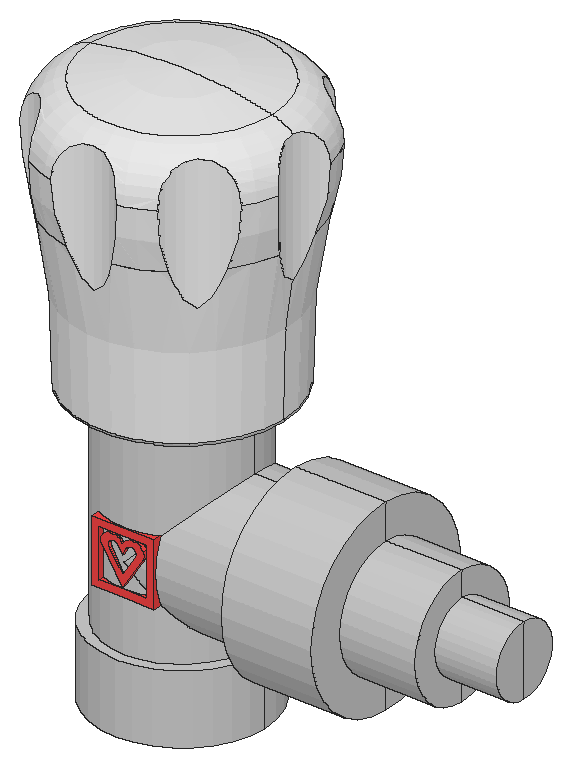
Revit family "Запорно-регулирующий радиаторный клапан GP, угловой 5524", category Rohrzubehör, Revit 2018
Family settings
  Bemaßung runder Anschluss = Durchmesser verwenden
  Teiletyp = Unterbricht
  OmniClass-Nummer = 23.65.55.14
  OmniClass-Titel = Valves for Liquid Services
  Arbeitsebenenbasiert = Nein
  Immer vertikal = Ja
  Beim Laden mit Abzugskörper schneiden = Nein
  Gemeinsam genutzt = Nein
Parameters
  Среда = "Качество воды в соответствии с ÖNORM H 5195 или директивой VDI 2035."
  Область применения = "Системы водяного отопления, в которых требуется точное ручное гидравлическое регулирование подачи воды к отопительным приборам. Рекомендуется также для монтажа в системах холодоснабжения, для точного ручного регулирования регистров охлаждения."
  Номер заказа [instance] = size_lookup("5524_", "Artnr", 0, Nennweite)  # 1552420
  Маховик = "Пластик, белый"  # constant formula
  Макс. рабочее давление = 1000000.0 Pa  # constant formula
  Макс. рабочая температура = 120 °C  # constant formula
  Корпус = "Никелированная латунь"  # constant formula
  Исполнение = "Универсальные модели со специальной муфтой для резьбовой трубы и компрессионных фитингов, никелированные."
  URL = "www.herz-armaturen.ru"
  SCRNSEQ = "ARM;ARM_TYP=\"ALLF\";2"
  SCRNCODE = "05;00;02"  # constant formula
  S04 = 45.000 mm  # constant formula
  S03 [instance] = H02 - 5.000 mm + 41.000 mm  # 60.000 mm
  S02 [instance] = L04 + L03 - L02  # 25.500 mm
  S01 = 10.000 mm  # constant formula
  Nennweite [instance] = 10.000 mm
  LO1 [instance] = R01 - 0.500 mm  # 10.000 mm
  L04 [instance] = size_lookup("5524_", "L4", 1.000 mm, Nennweite)  # 20.000 mm
  L03 [instance] = size_lookup("5524_", "L3", 1.000 mm, Nennweite)  # 13.000 mm
  L02 [instance] = size_lookup("5524_", "L2", 1.000 mm, Nennweite)  # 7.500 mm
  L01 [instance] = size_lookup("5524_", "L1", 1.000 mm, Nennweite)  # 24.000 mm
  Hersteller = "HERZ Armaturen Ges.m.b.H."  # constant formula
  H03 [instance] = size_lookup("5524_", "H3", 1.000 mm, Nennweite)  # 10.000 mm
  H02 [instance] = size_lookup("5524_", "H2", 1.000 mm, Nennweite)  # 24.000 mm
  H01 [instance] = size_lookup("5524_", "H1", 1.000 mm, Nennweite)  # 22.000 mm
  GT1 [instance] = size_lookup("5524_", "GT1", 1.000 mm, Nennweite)  # 9.000 mm
  GT [instance] = size_lookup("5524_", "GT", 1.000 mm, Nennweite)  # 9.500 mm
  G2 [instance] = Nennweite / 2  # 5.000 mm
  G1 [instance] = Nennweite / 2  # 5.000 mm
  R01 = 10.500 mm  # constant formula
  D05 [instance] = size_lookup("5524_", "D5", 1.000 mm, Nennweite)  # 8.500 mm
  D04 [instance] = size_lookup("5524_", "D4", 1.000 mm, Nennweite)  # 13.500 mm
  D03 [instance] = R01  # 10.500 mm
  D02 [instance] = size_lookup("5524_", "D2", 1.000 mm, Nennweite)  # 7.940 mm
  D01 [instance] = size_lookup("5524_", "D1", 1.000 mm, Nennweite)  # 12.000 mm
Reference planes
  plane 1 "Mitte (Vorne/hinten)": y = 0
  plane 2: z = 0
  plane 3 "Mitte (Links/rechts)": x = 0
Forms (mm)
  Revolve 1, solid, material "Messing, weicher Gelbton, geschweißt", detail levels fine
    sketch origin (0, 0, 0) x (1, 0, 0) y (0, 0, 1)
      loop
        line (0, 24) -> (-10.5, 24) -> (-10.5, -12) -> (-12, -12) -> (-12, -22) -> (-5, -22) -> (-5, -12.5) -> (0, -12.5) -> (0, 24)
      axis (0, 24) -> (0, -22)
    angle from 0 to 360
  Revolve 2, solid, material "Messing, weicher Gelbton, geschweißt", detail levels fine
    sketch origin (0, 0, 0) x (1, 0, 0) y (0, 0, 1)
      loop
        line (0, 0) -> (24, 0) -> (24, 7.94) -> (16.5, 7.94) -> (16.5, 10.5) -> (0, 10.5) -> (0, 0)
      axis (0, 0) -> (24, 0)
    angle from 0 to 360
  Revolve 3, solid, material "Messing, weicher Gelbton, geschweißt", detail levels fine
    sketch origin (-1, 0, 0) x (1, 0, 0) y (0, 0, 1)
      loop
        line (25, 0) -> (50.5, 0) -> (50.5, 5) -> (41.5, 5) -> (41.5, 8.5) -> (30.5, 8.5) -> (30.5, 13.5) -> (17.5, 13.5) -> (17.5, 7.94) -> (25, 7.94) -> (25, 0)
      axis (17.5, 0) -> (50.5, 0)
    angle from 0 to 360
Lines and regions (mm)
  model lines, detail levels coarse+medium
    curve 1: line (0, 0, 0) -> (12, 0, -22)
    curve 2: line (12, 0, -22) -> (-12, 0, -22)
    curve 3: line (-12, 0, -22) -> (0, 0, 0)
    curve 4: line (0, 0, 0) -> (24, 0, 13.5)
    curve 5: line (24, 0, 13.5) -> (24, 0, -13.5)
    curve 6: line (24, 0, -13.5) -> (0, 0, 0)
    curve 7: line (24, 0, 13.5) -> (34, 0, 13.5)
    curve 8: line (34, 0, 13.5) -> (24, 0, 0)
    curve 9: line (24, 0, -13.5) -> (34, 0, -13.5)
    curve 10: line (34, 0, -13.5) -> (24, 0, 0)
    curve 11: line (24, 0, 0) -> (49.5, 0, 0)
    curve 12: line (0, 0, 0) -> (0, 0, 60)
    curve 13: line (-22.5, 0, 60) -> (22.5, 0, 60)
    curve 14: line (0, 0, 0) -> (0, 60, 0)
    curve 15: line (-22.5, 60, 0) -> (22.5, 60, 0)
    curve 16: line (0, 0, 0) -> (12, -22, 0)
    curve 17: line (12, -22, 0) -> (-12, -22, 0)
    curve 18: line (-12, -22, 0) -> (0, 0, 0)
    curve 19: line (0, 0, 0) -> (24, 13.5, 0)
    curve 20: line (24, 13.5, 0) -> (24, -13.5, 0)
    curve 21: line (24, -13.5, 0) -> (0, 0, 0)
    curve 22: line (24, 13.5, 0) -> (34, 13.5, 0)
    curve 23: line (34, 13.5, 0) -> (24, 0, 0)
    curve 24: line (24, -13.5, 0) -> (34, -13.5, 0)
    curve 25: line (24, 0, 0) -> (34, -13.5, 0)
Dimensions and locks
  "H02": Revolve 1 sketch curve to plane 2
  "H01": plane 2 to Revolve 1 sketch curve
  "R01": Revolve 1 sketch curve to Revolve 1 sketch curve
  "G1": Revolve 1 sketch curve to Revolve 1 sketch curve
  "D01": Revolve 1 sketch curve to Revolve 1 sketch curve
  "GT": Revolve 1 sketch curve to Revolve 1 sketch curve
  "H03": Revolve 1 sketch curve to Revolve 1 sketch curve
  "D02": Revolve 2 sketch curve to Revolve 2 sketch curve
  "D03": Revolve 2 sketch curve to Revolve 2 sketch curve
  "L01": Revolve 2 sketch curve to Revolve 2 sketch curve
  "L02": Revolve 2 sketch curve to Revolve 2 sketch curve
  "H02": nested 1 to plane 2
  "LO1": nested 2 to plane 1 "Mitte (Vorne/hinten)"
  "L02": Revolve 3 sketch curve to Revolve 3 sketch curve
  "L03": Revolve 3 sketch curve to Revolve 3 sketch curve
  "L04": Revolve 3 sketch curve to Revolve 3 sketch curve
  "D04": Revolve 3 sketch curve to Revolve 3 sketch curve
  "G2": Revolve 3 sketch curve to Revolve 3 sketch curve
  "D05": Revolve 3 sketch curve to Revolve 3 sketch curve
  "GT1": Revolve 3 sketch curve to Revolve 3 sketch curve
  "L01": plane 3 "Mitte (Links/rechts)" to Revolve 3 sketch curve
  "D02": Revolve 3 sketch curve to plane 2
  "H01": plane 2 to curve 2
  "L01": curve 5 to plane 3 "Mitte (Links/rechts)"
  "D01": curve 2 to plane 3 "Mitte (Links/rechts)" to curve 3
  "D04": curve 5 to plane 2 to curve 6
  "S01": curve 5 to curve 8
  "S01": curve 5 to curve 10
  "S02": curve 11 to curve 11
  "S03": curve 12 to plane 2
  equal spacing: curve 13, curve 12, curve 13
  "S04": curve 13 to curve 13
  "S04": curve 15 to curve 15
  equal spacing: curve 15, curve 14, curve 15
  "S03": plane 1 "Mitte (Vorne/hinten)" to curve 14
  "H01": curve 17 to plane 1 "Mitte (Vorne/hinten)"
  "D01": curve 18 to plane 3 "Mitte (Links/rechts)" to curve 17
  "L01": plane 3 "Mitte (Links/rechts)" to curve 20
  "D04": curve 21 to plane 1 "Mitte (Vorne/hinten)" to curve 20
  "S01": curve 20 to curve 23
  "S01": curve 20 to curve 25
  aligned and locked: level to plane 2
Automatic sketch dimensions
  curve 12 to plane 3 "Mitte (Links/rechts)" = 0.000 mm
  curve 4 to level = 0.000 mm
  curve 10 to level = 0.000 mm
  curve 8 to level = 0.000 mm
  plane 1 "Mitte (Vorne/hinten)" to curve 16 = 0.000 mm
  curve 16 to plane 3 "Mitte (Links/rechts)" = 0.000 mm
  plane 1 "Mitte (Vorne/hinten)" to curve 23 = 0.000 mm
  Revolve 1 sketch curve to plane 3 "Mitte (Links/rechts)" = 0.000 mm  (x2)
  Revolve 1 sketch curve to Revolve 1 sketch curve = 345.545 mm
  Revolve 1 sketch curve to Revolve 1 sketch curve = 2189.815 mm
  Revolve 2 sketch curve to level = 0.000 mm  (x2)
  Revolve 2 sketch curve to plane 3 "Mitte (Links/rechts)" = 0.000 mm
  Revolve 2 sketch curve to plane 3 "Mitte (Links/rechts)" = 1506.530 mm
  Revolve 2 sketch curve to Revolve 2 sketch curve = 1815.148 mm
  Revolve 3 sketch curve to level = 0.000 mm  (x2)
  Revolve 3 sketch curve to plane 3 "Mitte (Links/rechts)" = 1507.530 mm
  Revolve 3 sketch curve to Revolve 3 sketch curve = 1789.648 mm
Nested families
  nested 1: "Handrad-Heizkörperventile" at (0, 0, 18.5), type "Handrad-Heizkörperventile", detail levels fine
  nested 2: "Herz-Logo-vorne" at (0, -10, 0) x (0, -1, 0) z (0, 0, 1), type "Herz-Logo-vorne", detail levels fine
Connectors
  piping at (0, 0, -12.5), diameter 10, driven by "Nennweite"
    settings: on Revolve 1, index 1, connector inside diameter 609.6 mm, connector length 0.000 mm, flow factor 0, pipe flow 0.0 L/s, pressure drop 0.0 Pa, fitting loss kfactor 0, connector angle 0.00°, fixture units 0, engagement length 0.000 mm, angle of deflection 0.00°, flow configuration 0, flow direction 1, fitting loss method 0, system type 7, joint type 0, gender type 0, connector reference index -1, connector utility 0, adjustable connector no, is connector primary yes, connector description ""
  piping at (49.5, 0, 0), diameter 10, driven by "Nennweite"
    settings: on Revolve 3, index 2, connector inside diameter 609.6 mm, connector length 0.000 mm, flow factor 0, pipe flow 0.0 L/s, pressure drop 0.0 Pa, fitting loss kfactor 0, connector angle 0.00°, fixture units 0, engagement length 0.000 mm, angle of deflection 0.00°, flow configuration 0, flow direction 2, fitting loss method 0, system type 7, joint type 0, gender type 0, connector reference index -1, connector utility 0, adjustable connector no, is connector primary no, connector description ""
Definition of nested family "Handrad-Heizkörperventile"
  Parameters (values of type "Handrad-Heizkörperventile")
    T01 = 5.500 mm  # constant formula
    R01 = 10.500 mm  # constant formula
  Reference planes
    plane 1 "Mitte (Vorne/hinten)": y = 0
    plane 2: z = 0
    plane 3 "Mitte (Links/rechts)": x = 0
  Forms (mm)
    Revolve 1, solid, detail levels fine
      sketch origin (0, 0, 0) x (1, 0, 0) y (0, 0, 1)
        loop
          line (10.5, 0) -> (14.25, 0)
          arc (14.25, 0) -> (14.604, 0.146) -> (14.75, 0.5) r 0.5
          arc (14.75, 0.5) -> (15.098, 12.356) -> (17.195, 24.03) r 80
          arc (17.195, 24.03) -> (18.172, 28.281) -> (18.5, 32.63) r 29
          arc (18.5, 32.63) -> (17.011, 36.946) -> (13.177, 39.426) r 7
          arc (13.177, 39.426) -> (6.637, 40.626) -> (0, 41.028) r 55
          line (0, 41.028) -> (0, 5.5) -> (10.5, 5.5) -> (10.5, 0)
        axis (0, 41.028) -> (0, 0)
      angle from 0 to 360
    Extrusion 2, void
      sketch origin (0, 0, 0) x (1, 0, 0) y (0, 1, 0)
        loop
          arc (-16.011, 9.268) -> (-11.314, 11.314) -> (-9.268, 16.011) r 7
          arc (-9.268, 16.011) -> (-13.081, 13.081) -> (-16.011, 9.268) r 18.5
        loop
          arc (16.011, 9.268) -> (13.081, 13.081) -> (9.268, 16.011) r 18.5
          arc (9.268, 16.011) -> (11.314, 11.314) -> (16.011, 9.268) r 7
        loop
          arc (-16.011, -9.268) -> (-13.081, -13.081) -> (-9.268, -16.011) r 18.5
          arc (-9.268, -16.011) -> (-11.314, -11.314) -> (-16.011, -9.268) r 7
        loop
          arc (16.011, -9.268) -> (11.314, -11.314) -> (9.268, -16.011) r 7
          arc (9.268, -16.011) -> (13.081, -13.081) -> (16.011, -9.268) r 18.5
        loop
          arc (17.953, 4.58) -> (16.078, -0.188) -> (17.953, -4.956) r 7
          arc (17.953, -4.956) -> (18.578, -0.188) -> (17.953, 4.58) r 18.5
        loop
          arc (-17.953, 4.58) -> (-18.578, -0.188) -> (-17.953, -4.956) r 18.5
          arc (-17.953, -4.956) -> (-16.078, -0.188) -> (-17.953, 4.58) r 7
        loop
          arc (-4.58, 17.953) -> (0.188, 16.078) -> (4.956, 17.953) r 7
          arc (4.956, 17.953) -> (0.188, 18.578) -> (-4.58, 17.953) r 18.5
        loop
          arc (-4.58, -17.953) -> (0.188, -18.578) -> (4.956, -17.953) r 18.5
          arc (4.956, -17.953) -> (0.188, -16.078) -> (-4.58, -17.953) r 7
      from 15.609 to 43.011
  Cuts and joins
    Extrusion 2 cuts Revolve 1
  Dimensions and locks
    "R01": Revolve 1 sketch curve to Revolve 1 sketch curve
    Revolve 1 sketch curve to plane 3 "Mitte (Links/rechts)" = 14.750 mm
    "T01": Revolve 1 sketch curve to Revolve 1 sketch curve
    aligned and locked: level to plane 2
  Automatic sketch dimensions
    Extrusion 2 sketch curve to Extrusion 2 sketch curve = 0.000 mm  (x14)
    plane 1 "Mitte (Vorne/hinten)" to Extrusion 2 sketch curve = 0.000 mm
    Extrusion 2 sketch curve to plane 3 "Mitte (Links/rechts)" = 0.000 mm
    Extrusion 2 sketch curve to plane 3 "Mitte (Links/rechts)" = 0.078 mm
    Extrusion 2 sketch curve to plane 3 "Mitte (Links/rechts)" = 16.263 mm  (x2)
    plane 1 "Mitte (Vorne/hinten)" to Extrusion 2 sketch curve = 0.188 mm  (x2)
    Extrusion 2 sketch curve to Extrusion 2 sketch curve = 6.815 mm  (x4)
    plane 3 "Mitte (Links/rechts)" to Extrusion 2 sketch curve = 0.078 mm
    plane 3 "Mitte (Links/rechts)" to Extrusion 2 sketch curve = 0.188 mm  (x2)
    plane 1 "Mitte (Vorne/hinten)" to Extrusion 2 sketch curve = 0.078 mm
    Extrusion 2 sketch curve to Extrusion 2 sketch curve = 0.110 mm  (x2)
    Extrusion 2 sketch curve to plane 1 "Mitte (Vorne/hinten)" = 0.078 mm
    plane 3 "Mitte (Links/rechts)" to Extrusion 2 sketch curve = 16.263 mm  (x2)
    plane 1 "Mitte (Vorne/hinten)" to Extrusion 2 sketch curve = 16.263 mm  (x2)
    Extrusion 2 sketch curve to plane 1 "Mitte (Vorne/hinten)" = 16.263 mm  (x2)
    Extrusion 2 sketch curve to plane 3 "Mitte (Links/rechts)" = 4.580 mm  (x2)
    Extrusion 2 sketch curve to Extrusion 2 sketch curve = 4.688 mm  (x2)
    Extrusion 2 sketch curve to Extrusion 2 sketch curve = 0.252 mm  (x4)
    Extrusion 2 sketch curve to Extrusion 2 sketch curve = 1.942 mm  (x4)
    Extrusion 2 sketch curve to Extrusion 2 sketch curve = 4.312 mm  (x4)
    Revolve 1 sketch curve to plane 3 "Mitte (Links/rechts)" = 0.000 mm  (x2)
    Revolve 1 sketch curve to level = 0.000 mm
    Revolve 1 sketch curve to plane 3 "Mitte (Links/rechts)" = 10.500 mm
    plane 3 "Mitte (Links/rechts)" to Revolve 1 sketch curve = 11.500 mm
    Revolve 1 sketch curve to Revolve 1 sketch curve = 0.500 mm
    level to Revolve 1 sketch curve = 4.086 mm
    Revolve 1 sketch curve to Revolve 1 sketch curve = 79.920 mm
    Revolve 1 sketch curve to level = 13.972 mm
    Revolve 1 sketch curve to Revolve 1 sketch curve = 27.130 mm
    Revolve 1 sketch curve to Revolve 1 sketch curve = 8.398 mm
    Revolve 1 sketch curve to Revolve 1 sketch curve = 0.000 mm
    Revolve 1 sketch curve to Revolve 1 sketch curve = 1.305 mm
    Revolve 1 sketch curve to Revolve 1 sketch curve = 352.073 mm
    Revolve 1 sketch curve to Revolve 1 sketch curve = 2173.287 mm
Definition of nested family "Herz-Logo-vorne"
  Reference planes
    plane 1 "Mitte (Vorne/hinten)": y = 0
    plane 2: z = 0
    plane 3 "Mitte (Links/rechts)": x = 0
  Forms (mm)
    Extrusion 1, solid
      sketch origin (0.732, -0.018, 0.017) x (0, -1, 0) y (0, 0, 1)
        loop
          line (-0.018, -4.517) -> (4.482, -4.517) -> (4.482, 4.483) -> (-4.518, 4.483) -> (-4.518, -4.517) -> (-0.018, -4.517)
        loop
          line (-0.05, -3.48) -> (3.482, -3.48) -> (3.482, 3.483) -> (-3.518, 3.483) -> (-3.518, -3.48) -> (-0.05, -3.48)
        loop
          arc (-0.018, 2.383) -> (-1.543, 3.287) -> (-3.067, 2.383) r 1.738
          arc (-3.067, 2.383) -> (-3.191, 1.899) -> (-3.067, 1.415) r 1.009
          line (-3.067, 1.415) -> (-0.018, -3.281) -> (3.032, 1.415)
          arc (3.032, 1.415) -> (3.156, 1.899) -> (3.032, 2.383) r 1.009
          arc (3.032, 2.383) -> (1.507, 3.287) -> (-0.018, 2.383) r 1.738
        loop
          arc (1.885, 1.272) -> (2.005, 1.675) -> (1.885, 2.079) r 0.74
          arc (1.885, 2.079) -> (1.265, 2.416) -> (0.644, 2.079) r 0.74
          line (0.644, 2.079) -> (-0.018, 0.97) -> (-0.679, 2.079)
          arc (-0.679, 2.079) -> (-1.3, 2.416) -> (-1.921, 2.079) r 0.74
          arc (-1.921, 2.079) -> (-2.04, 1.675) -> (-1.921, 1.272) r 0.74
          line (-1.921, 1.272) -> (-0.018, -1.658) -> (1.885, 1.272)
      from 0 to 1.5
  Dimensions and locks
    aligned and locked: level to plane 2
